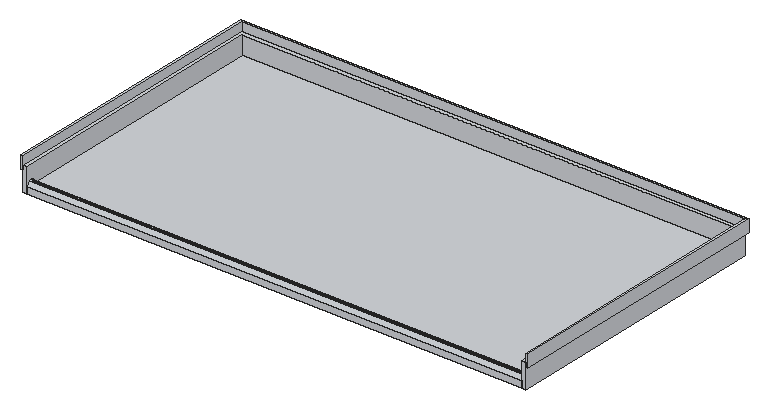
Revit family "Shower_Base-Willoughby AS-S3060ADAF-L", category Plumbing Fixtures, Revit 2015
Parameters (values of type "Left Drain")
  Waste Connection = no
  Vent Connection = no
  URL = "https://www.willoughby-ind.com/wp-content/uploads/2018/01/AS-S3060ADAF.pdf"
  Revision = "A"
  Model = "AS-S3060ADAF-L"
  Manufacturer = "Willoughby Industries"
  Location Drain = 1' - 8 1/4"
  HW Connection = no
  Drain Front Edge = 0' - 3 1/2"
  Description = "30\" X 60\" Shower Base, Front Trench, Left Drain"
  Contact number = "(800) 428-4065"
  CW Connection = no
Reference planes (in)
  plane 1 "Center (Front/Back)": y = 0
  plane 2: z = 0
  plane 3 "Center (Left/Right)": x = 0
Forms (in)
  Extrusion 1, solid
    sketch origin (0, 0, 0) x (1, 0, 0) y (0, 1, 0)
      loop
        line (-30.5, 0) -> (-30.5, -18) -> (30.5, -18) -> (30.5, 15.25) -> (-30.5, 15.25) -> (-30.5, 0)
    from 0 to 0.75
  Extrusion 2, solid
    sketch origin (0, 0, 0) x (1, 0, 0) y (0, 1, 0)
      loop
        line (-30.5, -18) -> (-30.5, 15.25) -> (30.5, 15.25) -> (30.5, -18) -> (31, -18) -> (31, 15.75) -> (-31, 15.75) -> (-31, -18) -> (-30.5, -18)
    from 0 to 3
  Extrusion 3, solid
    sketch origin (0, 0, 0) x (1, 0, 0) y (0, 1, 0)
      loop
        line (-31.25, -18) -> (-31, -18) -> (-31, 15.75) -> (31, 15.75) -> (31, -18) -> (31.25, -18) -> (31.25, 16) -> (-31.25, 16) -> (-31.25, -18)
    from 2.5 to 4
  Extrusion 4, solid
    sketch origin (0, 0, 0) x (1, 0, 0) y (0, 1, 0)
      loop
        circle (-11, -14.5) r 1
    from -1.5625 to 0
  Extrusion 5, solid
    sketch origin (0, 0, 0) x (0, 1, 0) y (0, 0, 1)
      loop
        line (-18, 0.75) -> (-16.875, 0.75) -> (-17.18771, 1.27118)
        arc (-17.18771, 1.27118) -> (-17.26968, 1.34416) -> (-17.375, 1.375) r 0.25
        line (-17.375, 1.375) -> (-17.5, 1.375)
        arc (-17.5, 1.375) -> (-17.60532, 1.34416) -> (-17.68729, 1.27118) r 0.25
        line (-17.68729, 1.27118) -> (-18, 0.75)
    from -30.5 to 30.5
Dimensions and locks (in)
  "Drain Front Edge": Extrusion 1 to Extrusion 4 sketch curve
  "Location Drain": Extrusion 3 to Extrusion 4 sketch curve
  aligned and locked: level to plane 2
  aligned and locked: Extrusion 5 to Extrusion 2
  aligned and locked: Extrusion 2 to Extrusion 1 sketch curve
  aligned and locked: Extrusion 1 sketch curve to Extrusion 2  (x2)
Automatic sketch dimensions
  Extrusion 2 sketch curve to plane 3 "Center (Left/Right)" = 2' - 7"
  Extrusion 2 sketch curve to Extrusion 2 sketch curve = 0' - 0 1/2"  (x3)
  plane 3 "Center (Left/Right)" to Extrusion 2 sketch curve = 2' - 6 1/2"
  plane 1 "Center (Front/Back)" to Extrusion 2 sketch curve = 1' - 6"  (x2)
  Extrusion 2 sketch curve to plane 1 "Center (Front/Back)" = 1' - 3 1/4"
  level to Extrusion 5 sketch curve = 0' - 0 3/4"
  plane 1 "Center (Front/Back)" to Extrusion 5 sketch curve = 1' - 6"
  level to Extrusion 5 sketch curve = 0' - 1.27118"  (x2)
  Extrusion 5 sketch curve to Extrusion 5 sketch curve = 0' - 0.31271"  (x2)
  Extrusion 5 sketch curve to Extrusion 5 sketch curve = 0' - 0.18729"  (x2)
  Extrusion 5 sketch curve to Extrusion 5 sketch curve = 0' - 0.20317"
  Extrusion 5 sketch curve to Extrusion 5 sketch curve = 0' - 0.09324"
  Extrusion 5 sketch curve to Extrusion 5 sketch curve = 0' - 0 1/8"
  Extrusion 5 sketch curve to Extrusion 5 sketch curve = 0' - 0.14568"
  Extrusion 3 sketch curve to plane 3 "Center (Left/Right)" = 2' - 7 1/4"
  Extrusion 3 sketch curve to Extrusion 3 sketch curve = 0' - 0 1/4"  (x3)
  plane 3 "Center (Left/Right)" to Extrusion 3 sketch curve = 2' - 7"
  plane 1 "Center (Front/Back)" to Extrusion 3 sketch curve = 1' - 6"  (x2)
  Extrusion 3 sketch curve to plane 1 "Center (Front/Back)" = 1' - 3 3/4"
  plane 1 "Center (Front/Back)" to Extrusion 1 sketch curve = 0' - 0"
  plane 1 "Center (Front/Back)" to Extrusion 1 sketch curve = 1' - 6"
  radius of Extrusion 4 sketch curve = 0' - 1"
